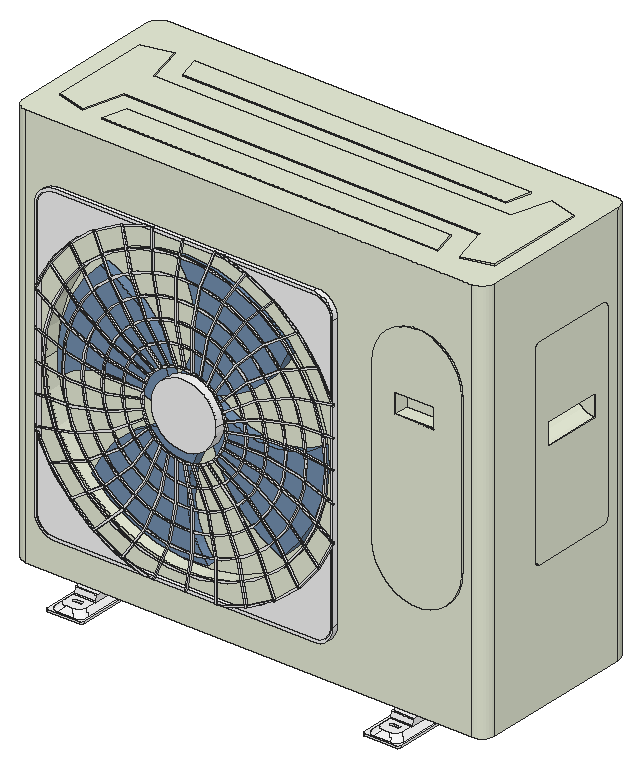
Revit family "MDV-V100W$DHN1(C)", category Mechanical Equipment, Revit 2013
Parameters (values of type "MDV-V100W/DHN1(C)")
  clearance access right = 600.000 mm
  clearance access left = 300.000 mm
  clearance access front = 2000.000 mm
  clearance access behind = 300.000 mm
  clearance [instance] = no
  Width = 950.000 mm
  Series = "VRF"
  Power supply = "220-240V 1Ph~50Hz/60Hz"
  Net Weight = 71.50 kg
  Model = "MDV-V100W/DHN1(C)"
  Minimum Circuit Amps = 28.75 A
  Min cable selection (power wiring) = "3×4 mm2"
  Maximum Fuse Amps = 32 A
  Manufacturer = "Midea"
  Liquid pipe Radius = 0.5 * Liquid pipe  # 4.765 mm
  Liquid pipe = 9.530 mm
  Installation = "Outdoor installation"
  Height = 840.000 mm
  Heating Power Input = 2.87 kW
  Heating Capacity = 12.00 kW
  Gas pipe Radius = 0.5 * Gas pipe  # 7.950 mm
  Gas pipe = 15.900 mm
  Gas = "R410A"
  Description = "High efficiency air cooled"
  Depth = 360.000 mm
  Cooling Power Input = 2.55 kW
  Cooling Capacity = 10.00 kW
  Condensation = "Air"
  Compressor = "1"
  Casing color = "SB2098"
  Air Flow = 5200.00 m³/h
Reference planes
  plane 1 "Center (Front/Back)": y = 0
  plane 2: z = 0
  plane 3 "Center (Left/Right)": x = 0
  plane 4: y = 221
  plane 5: y = -139
  plane 6: x = -473
  plane 7: x = 473
  plane 8: z = 406.5
  plane 9: z = 300.608
  plane 10: z = 840
  plane 11: x = 557
Forms (mm)
  Extrusion 1, solid, material "Galvanized Steel", detail levels medium+fine
    sketch origin (-463, 0, 789) x (1, 0, 0) y (0, 1, 0)
      loop
        line (911, 221) -> (15, 221)
        arc (15, 221) -> (-2.678, 213.678) -> (-10, 196) r 25
        line (-10, 196) -> (-10, -114)
        arc (-10, -114) -> (-2.678, -131.678) -> (15, -139) r 25
        line (15, -139) -> (911, -139)
        arc (911, -139) -> (928.678, -131.678) -> (936, -114) r 25
        line (936, -114) -> (936, 196)
        arc (936, 196) -> (928.678, 213.678) -> (911, 221) r 25
    from -765 to 49
  Extrusion 2, void
    sketch origin (0, 0, 0) x (1, 0, 0) y (0, 0, 1)
      loop
        circle (-122.999, 406.499) r 286
    from 110.334 to 159
  Extrusion 3, solid, material "Galvanized Steel", detail levels fine
    sketch origin (0, 20, 0) x (1, 0, 0) y (0, 1, 0)
      loop
        line (-436.632, 111.286) -> (-436.632, -88.714) -> (-378.677, -104.243) -> (-357.971, -26.969) -> (0, -26.969) -> (357.971, -26.969) -> (378.677, -104.243) -> (436.632, -88.714) -> (436.632, 111.286) -> (378.677, 126.816) -> (357.971, 49.542) -> (0, 49.542) -> (-357.971, 49.542) -> (-378.677, 126.816) -> (-436.632, 111.286)
      loop
        line (-337.266, 126.816) -> (-324.511, 79.213) -> (0, 79.213) -> (324.511, 79.213) -> (337.266, 126.816) -> (0, 126.816) -> (-337.266, 126.816)
      loop
        line (-337.266, -106.816) -> (0, -106.816) -> (337.266, -106.816) -> (324.511, -59.213) -> (0, -59.213) -> (-324.511, -59.213) -> (-337.266, -106.816)
    from 838 to 840
  Extrusion 4, solid, material "Galvanized Steel", detail levels fine
    sketch origin (0, 5, 0) x (0, 1, 0) y (0, 0, 1)
      loop
        arc (-8.433, 685.069) -> (-15.504, 682.14) -> (-18.433, 675.069) r 10
        line (-18.433, 675.069) -> (-18.433, 295.069)
        arc (-18.433, 295.069) -> (-15.504, 287.998) -> (-8.433, 285.069) r 10
        line (-8.433, 285.069) -> (151.567, 285.069)
        arc (151.567, 285.069) -> (158.638, 287.998) -> (161.567, 295.069) r 10
        line (161.567, 295.069) -> (161.567, 675.069)
        arc (161.567, 675.069) -> (158.638, 682.14) -> (151.567, 685.069) r 10
        line (151.567, 685.069) -> (-8.433, 685.069)
    from 473 to 475
  Extrusion 5, solid, material "Galvanized Steel", detail levels fine
    sketch origin (-473, 221, 810) x (1, 0, 0) y (0, 0, -1)
      loop
        line (721.211, 499.033) -> (721.211, 179.033)
        arc (721.211, 179.033) -> (811.211, 89.033) -> (901.211, 179.033) r 90
        line (901.211, 179.033) -> (901.211, 499.033)
        arc (901.211, 499.033) -> (811.211, 589.033) -> (721.211, 499.033) r 90
    from -362 to -360
  Extrusion 6, void
    sketch origin (-438, -141, 810) x (1, 0, 0) y (0, 0, -1)
      loop
        line (731.52, 217.5) -> (811.52, 217.5) -> (811.52, 257.5) -> (731.52, 257.5) -> (731.52, 217.5)
    from 0 to 30.666
  Extrusion 7, void
    sketch origin (2, 0, 0) x (1, 0, 0) y (0, 0, 1)
      loop
        line (446.25, 532.035) -> (428.211, 532.035)
        arc (428.211, 532.035) -> (441.329, 500.364) -> (473, 487.246) r 44.789
        line (473, 487.246) -> (473, 532.035) -> (446.25, 532.035)
    from -137.024 to -16.461
  Extrusion 8, solid, material "Galvanized Steel"
    sketch origin (458, -139, 799) x (-1, 0, 0) y (0, 0, -1)
      loop
        circle (30.982, 736.541) r 4.765
    from -381 to -333.512
  Extrusion 9, solid, material "Galvanized Steel"
    sketch origin (458, -139, 829) x (-1, 0, 0) y (0, 0, -1)
      loop
        circle (30.982, 736.541) r 7.95
    from -381 to -333.512
Cuts and joins
  Extrusion 2, Extrusion 6, Extrusion 7 cuts Extrusion 1
  Extrusion 6 cuts Extrusion 5
  Extrusion 7 cuts Extrusion 4
Lines and regions (mm)
  model lines
    curve 1: line (-473, 221, 24) -> (-473, -139, 24)
    curve 2: line (473, 221, 24) -> (-473, 221, 24)
    curve 3: line (473, -139, 24) -> (473, 221, 24)
    curve 4: line (-473, -139, 24) -> (473, -139, 24)
    curve 5: line (473, 221, 838) -> (473, 221, 24)
    curve 6: line (-473, 221, 24) -> (-473, 221, 838)
    curve 7: line (473, -139, 838) -> (473, -139, 24)
    curve 8: line (-473, -139, 24) -> (-473, -139, 838)
    curve 9: line (473, -139, 838) -> (473, 221, 838)
    curve 10: line (473, 221, 838) -> (-473, 221, 838)
    curve 11: line (-473, 221, 838) -> (-473, -139, 838)
    curve 12: line (-473, -139, 838) -> (473, -139, 838)
Dimensions and locks
  aligned and locked: level to plane 2
Nested families
  nested 1: "xiaodijia2" at (318, 20, 0), type "xiaodijia2", detail levels medium+fine
  nested 2: "xiaodijia2" at (-318, 20, 0), type "xiaodijia2", detail levels medium+fine
  nested 3: "fengkou300（fangxing2）" at (-123, -149, 406.5) x (1, 0, 0) z (0, 1, 0), type "fengkou300（fangxing2）", detail levels medium+fine
  nested 4: "fengshan270" at (-122.996, -100, 406.5) x (0, 0, 1) z (0, -1, 0), type "fengshan270", detail levels fine
  nested 5: "service space" at (473, -139, 0), Height <- "Height", visible <- "clearance", type "Midea Service  Space"
    with Width 600.000 mm, Height 840.000 mm, Depth 360.000 mm
  nested 6: "service space" at (-773, -139, 0), Height <- "Height", visible <- "clearance", type "Midea Service  Space"
    with Width 300.000 mm, Height 840.000 mm, Depth 360.000 mm
  nested 7: "service space" at (-473, 221, 0), Height <- "Height", visible <- "clearance", type "Midea Service  Space"
    with Width 946.000 mm, Height 840.000 mm, Depth 300.000 mm
  nested 8: "service space" at (-473, -2139, 0), Height <- "Height", visible <- "clearance", type "Midea Service  Space"
    with Width 946.000 mm, Height 840.000 mm, Depth 2000.000 mm
Connectors
  electrical at (333.52, -141, 572.5)
    settings: on cut or joined group of Extrusion 5, Extrusion 6, index 1, voltage 220 V, apparent load 0 VA, apparent load phase1 0 VA, apparent load phase2 0 VA, apparent load phase3 0 VA, power factor 1, load classification "HVAC", number of poles 1, system type 30, power factor state 1, is connector primary yes, connector utility no, sub classification motor no, connector description ""
  piping at (427.018, 242, 62.459), driven by "Liquid pipe Radius"
    settings: on Extrusion 8, index 2, connector radius 0.1876", flow factor 0, pipe flow 0 GPM, pressure drop 0.00 psi, fitting loss kfactor 0, connector angle 0.00°, fixture units 0, engagement length 0.000 mm, flow configuration 0, flow direction 0, fitting loss method 0, system type 7, joint type 0, gender type 0, connector reference index -1, connector utility 0, adjustable connector no, is connector primary yes, fitting loss table "", connector description ""
  piping at (427.018, 242, 92.459), driven by "Gas pipe Radius"
    settings: on Extrusion 9, index 3, connector radius 0.31299", flow factor 0, pipe flow 0 GPM, pressure drop 0.00 psi, fitting loss kfactor 0, connector angle 0.00°, fixture units 0, engagement length 0.000 mm, flow configuration 0, flow direction 0, fitting loss method 0, system type 8, joint type 0, gender type 0, connector reference index -1, connector utility 0, adjustable connector no, is connector primary no, fitting loss table "", connector description ""
Definition of nested family "xiaodijia2"
  Reference planes
    plane 1 "Center (Front/Back)": y = 0
    plane 2: z = 0
    plane 3 "Center (Left/Right)": x = 0
    plane 4: y = 227
    plane 5: x = -36.5
    plane 6: x = 36.5
    plane 7: z = 12
    plane 8: z = 3
    plane 9: z = 24
    plane 10: y = -20
    plane 11: y = 20
    plane 12: x = 21.5
    plane 13: x = -21.5
    plane 14: y = 190
    plane 15: y = -190
    plane 16: x = -6
    plane 17: x = 6
    plane 18: y = -186
    plane 19: y = -194
  Forms (mm)
    Blend 1, solid, material "HXL White"
      base sketch origin (0, 0, 0) x (1, 0, 0) y (0, 1, 0)
        loop
          line (6.5, 212) -> (-6.5, 212)
          arc (-6.5, 212) -> (-17.107, 207.607) -> (-21.5, 197) r 15
          line (-21.5, 197) -> (-21.5, -197)
          arc (-21.5, -197) -> (-17.107, -207.607) -> (-6.5, -212) r 15
          line (-6.5, -212) -> (6.5, -212)
          arc (6.5, -212) -> (17.107, -207.607) -> (21.5, -197) r 15
          line (21.5, -197) -> (21.5, 197)
          arc (21.5, 197) -> (17.107, 207.607) -> (6.5, 212) r 15
      top sketch origin (0, 0, 0) x (1, 0, 0) y (0, 1, 0)
        loop
          line (26.5, 222) -> (-26.5, 222)
          arc (-26.5, 222) -> (-30.036, 220.536) -> (-31.5, 217) r 5
          line (-31.5, 217) -> (-31.5, -207)
          arc (-31.5, -207) -> (-27.107, -217.607) -> (-16.5, -222) r 15
          line (-16.5, -222) -> (16.5, -222)
          arc (16.5, -222) -> (27.107, -217.607) -> (31.5, -207) r 15
          line (31.5, -207) -> (31.5, 217)
          arc (31.5, 217) -> (30.036, 220.536) -> (26.5, 222) r 5
      from 12 to 3
    Blend 2, void
      base sketch origin (0, 0, 0) x (1, 0, 0) y (0, 1, 0)
        loop
          line (6.5, 202) -> (-6.5, 202)
          arc (-6.5, 202) -> (-10.036, 200.536) -> (-11.5, 197) r 5
          line (-11.5, 197) -> (-11.5, -197)
          arc (-11.5, -197) -> (-10.036, -200.536) -> (-6.5, -202) r 5
          line (-6.5, -202) -> (6.5, -202)
          arc (6.5, -202) -> (10.036, -200.536) -> (11.5, -197) r 5
          line (11.5, -197) -> (11.5, 197)
          arc (11.5, 197) -> (10.036, 200.536) -> (6.5, 202) r 5
      top sketch origin (0, 0, 0) x (1, 0, 0) y (0, 1, 0)
        loop
          line (31.5, -207) -> (31.5, 217)
          arc (31.5, 217) -> (30.036, 220.536) -> (26.5, 222) r 5
          line (26.5, 222) -> (-26.5, 222)
          arc (-26.5, 222) -> (-30.036, 220.536) -> (-31.5, 217) r 5
          line (-31.5, 217) -> (-31.5, -207)
          arc (-31.5, -207) -> (-27.107, -217.607) -> (-16.5, -222) r 15
          line (-16.5, -222) -> (16.5, -222)
          arc (16.5, -222) -> (27.107, -217.607) -> (31.5, -207) r 15
      from 8.355 to 3
    Extrusion 3, solid, material "HXL White"
      sketch origin (0, 0, 0) x (1, 0, 0) y (0, 1, 0)
        loop
          arc (-31.5, 227) -> (-35.036, 225.536) -> (-36.5, 222) r 5
          line (-36.5, 222) -> (-36.5, -222)
          arc (-36.5, -222) -> (-35.036, -225.536) -> (-31.5, -227) r 5
          line (-31.5, -227) -> (31.5, -227)
          arc (31.5, -227) -> (35.036, -225.536) -> (36.5, -222) r 5
          line (36.5, -222) -> (36.5, 222)
          arc (36.5, 222) -> (35.036, 225.536) -> (31.5, 227) r 5
          line (31.5, 227) -> (-31.5, 227)
        loop
          arc (-26.5, 222) -> (-30.036, 220.536) -> (-31.5, 217) r 5
          line (-31.5, 217) -> (-31.5, -207)
          arc (-31.5, -207) -> (-27.107, -217.607) -> (-16.5, -222) r 15
          line (-16.5, -222) -> (16.5, -222)
          arc (16.5, -222) -> (27.107, -217.607) -> (31.5, -207) r 15
          line (31.5, -207) -> (31.5, 217)
          arc (31.5, 217) -> (30.036, 220.536) -> (26.5, 222) r 5
          line (26.5, 222) -> (-26.5, 222)
      from 0 to 3
    Extrusion 4, solid, material "HXL White"
      sketch origin (0, 0, 0) x (0, 1, 0) y (0, 0, 1)
        loop
          arc (-19.275, 24) -> (-19.902, 23.667) -> (-20.264, 23.056) r 1.312
          line (-20.264, 23.056) -> (-22.833, 13.434)
          arc (-22.833, 13.434) -> (-23.437, 12.605) -> (-24.266, 12) r 3.318
          line (-24.266, 12) -> (24.266, 12)
          arc (24.266, 12) -> (23.437, 12.605) -> (22.833, 13.434) r 3.318
          line (22.833, 13.434) -> (20.264, 23.056)
          arc (20.264, 23.056) -> (19.902, 23.667) -> (19.275, 24) r 1.312
          line (19.275, 24) -> (-19.275, 24)
      from -21.5 to 21.5
    Extrusion 5, solid, material "HXL White"
      sketch origin (0, 150, 0) x (0, 1, 0) y (0, 0, 1)
        loop
          arc (-19.275, 24) -> (-19.902, 23.667) -> (-20.264, 23.056) r 1.312
          line (-20.264, 23.056) -> (-22.833, 13.434)
          arc (-22.833, 13.434) -> (-23.437, 12.605) -> (-24.266, 12) r 3.318
          line (-24.266, 12) -> (24.266, 12)
          arc (24.266, 12) -> (23.437, 12.605) -> (22.833, 13.434) r 3.318
          line (22.833, 13.434) -> (20.264, 23.056)
          arc (20.264, 23.056) -> (19.902, 23.667) -> (19.275, 24) r 1.312
          line (19.275, 24) -> (-19.275, 24)
      from -21.5 to 21.5
    Extrusion 6, solid, material "HXL White"
      sketch origin (0, -150, 0) x (0, 1, 0) y (0, 0, 1)
        loop
          arc (-19.275, 24) -> (-19.902, 23.667) -> (-20.264, 23.056) r 1.312
          line (-20.264, 23.056) -> (-22.833, 13.434)
          arc (-22.833, 13.434) -> (-23.437, 12.605) -> (-24.266, 12) r 3.318
          line (-24.266, 12) -> (24.266, 12)
          arc (24.266, 12) -> (23.437, 12.605) -> (22.833, 13.434) r 3.318
          line (22.833, 13.434) -> (20.264, 23.056)
          arc (20.264, 23.056) -> (19.902, 23.667) -> (19.275, 24) r 1.312
          line (19.275, 24) -> (-19.275, 24)
      from -21.5 to 21.5
    Extrusion 7, void
      sketch origin (0, 0, 0) x (1, 0, 0) y (0, 1, 0)
        loop
          arc (-6, -186) -> (-10, -190) -> (-6, -194) r 4
          line (-6, -194) -> (6, -194)
          arc (6, -194) -> (10, -190) -> (6, -186) r 4
          line (6, -186) -> (-6, -186)
        loop
          line (-6, 186) -> (6, 186)
          arc (6, 186) -> (10, 190) -> (6, 194) r 4
          line (6, 194) -> (-6, 194)
          arc (-6, 194) -> (-10, 190) -> (-6, 186) r 4
      from 0 to 20
  Cuts and joins
    Blend 2, Extrusion 7 cuts Blend 1
  Dimensions and locks
    aligned and locked: level to plane 2
Definition of nested family "fengkou300（fangxing2）"
  Parameters (values of type "fengkou300（fangxing2）")
    Series = ""
    Machine material = Midea White
    Installation = ""
    Gas = ""
    Condensation = ""
  Reference planes
    plane 1 "Center (Front/Back)": y = 0
    plane 2: z = 0
    plane 3 "Center (Left/Right)": x = 0
    plane 4: y = 316
    plane 5: y = -316
    plane 6: x = -300
    plane 7: x = 300
    plane 8: through (306.104, -306.102, 1219.2) normal (-0.7071, -0.7071, 0)
    plane 9: through (-306.478, -306.479, 1219.2) normal (0.7071, -0.7071, 0)
  Forms (mm)
    Extrusion 1, solid, material "Midea White" <- "Machine material"
      sketch origin (0, 0, 0) x (1, 0, 0) y (0, 1, 0)
        loop
          arc (-260, 316) -> (-288.284, 304.284) -> (-300, 276) r 40
          line (-300, 276) -> (-300, -276)
          arc (-300, -276) -> (-288.284, -304.284) -> (-260, -316) r 40
          line (-260, -316) -> (260, -316)
          arc (260, -316) -> (288.284, -304.284) -> (300, -276) r 40
          line (300, -276) -> (300, 276)
          arc (300, 276) -> (288.284, 304.284) -> (260, 316) r 40
          line (260, 316) -> (-260, 316)
        loop
          line (260, 311) -> (-260, 311)
          arc (-260, 311) -> (-284.749, 300.749) -> (-295, 276) r 35
          line (-295, 276) -> (-295, -276)
          arc (-295, -276) -> (-284.749, -300.749) -> (-260, -311) r 35
          line (-260, -311) -> (260, -311)
          arc (260, -311) -> (284.749, -300.749) -> (295, -276) r 35
          line (295, -276) -> (295, 276)
          arc (295, 276) -> (284.749, 300.749) -> (260, 311) r 35
      from 0 to 10
    Extrusion 2, solid, material "Midea White" <- "Machine material"
      sketch origin (-1059.446, 0, 0) x (1, 0, 0) y (0, 1, 0)
        loop
          arc (1057.944, 325.999) -> (1075.678, 204.494) -> (1057.944, 82.989) r 425.111
          line (1057.944, 82.989) -> (1060.944, 82.989)
          arc (1060.944, 82.989) -> (1079.329, 204.494) -> (1060.944, 325.999) r 410.684
          line (1060.944, 325.999) -> (1057.944, 325.999)
        loop
          arc (1060.948, -325.999) -> (1043.214, -204.494) -> (1060.948, -82.989) r 425.111
          line (1060.948, -82.989) -> (1057.948, -82.989)
          arc (1057.948, -82.989) -> (1039.562, -204.494) -> (1057.948, -325.999) r 410.684
          line (1057.948, -325.999) -> (1060.948, -325.999)
        loop
          arc (1385.445, 1.502) -> (1263.939, -16.232) -> (1142.434, 1.502) r 425.111
          line (1142.434, 1.502) -> (1142.434, -1.498)
          arc (1142.434, -1.498) -> (1263.939, -19.884) -> (1385.445, -1.498) r 410.684
          line (1385.445, -1.498) -> (1385.445, 1.502)
        loop
          arc (733.447, -1.502) -> (854.952, 16.232) -> (976.457, -1.502) r 425.111
          line (976.457, -1.502) -> (976.457, 1.498)
          arc (976.457, 1.498) -> (854.952, 19.884) -> (733.447, 1.498) r 410.684
          line (733.447, 1.498) -> (733.447, -1.502)
        loop
          arc (1288.9, 231.578) -> (1215.522, 133.121) -> (1117.065, 59.744) r 425.111
          line (1117.065, 59.744) -> (1119.187, 57.623)
          arc (1119.187, 57.623) -> (1218.105, 130.539) -> (1291.021, 229.457) r 410.684
          line (1291.021, 229.457) -> (1288.9, 231.578)
        loop
          arc (829.992, -231.578) -> (903.369, -133.121) -> (1001.826, -59.744) r 425.111
          line (1001.826, -59.744) -> (999.705, -57.623)
          arc (999.705, -57.623) -> (900.787, -130.539) -> (827.871, -229.457) r 410.684
          line (827.871, -229.457) -> (829.992, -231.578)
        loop
          arc (1291.024, -229.454) -> (1192.567, -156.077) -> (1119.19, -57.62) r 425.111
          line (1119.19, -57.62) -> (1117.068, -59.741)
          arc (1117.068, -59.741) -> (1189.985, -158.659) -> (1288.903, -231.575) r 410.684
          line (1288.903, -231.575) -> (1291.024, -229.454)
        loop
          arc (827.868, 229.454) -> (926.325, 156.077) -> (999.702, 57.62) r 425.111
          line (999.702, 57.62) -> (1001.823, 59.741)
          arc (1001.823, 59.741) -> (928.907, 158.659) -> (829.989, 231.575) r 410.684
          line (829.989, 231.575) -> (827.868, 229.454)
        loop
          arc (1182.812, 301.758) -> (1152.699, 182.716) -> (1089.816, 77.246) r 425.111
          line (1089.816, 77.246) -> (1092.588, 76.098)
          arc (1092.588, 76.098) -> (1156.072, 181.318) -> (1185.584, 300.61) r 410.684
          line (1185.584, 300.61) -> (1182.812, 301.758)
        loop
          arc (936.079, -301.758) -> (966.193, -182.716) -> (1029.075, -77.246) r 425.111
          line (1029.075, -77.246) -> (1026.304, -76.098)
          arc (1026.304, -76.098) -> (962.819, -181.318) -> (933.308, -300.61) r 410.684
          line (933.308, -300.61) -> (936.079, -301.758)
        loop
          arc (1361.204, -123.366) -> (1242.162, -93.253) -> (1136.692, -30.371) r 425.111
          line (1136.692, -30.371) -> (1135.544, -33.142)
          arc (1135.544, -33.142) -> (1240.764, -96.626) -> (1360.056, -126.138) r 410.684
          line (1360.056, -126.138) -> (1361.204, -123.366)
        loop
          arc (757.687, 123.366) -> (876.73, 93.253) -> (982.199, 30.371) r 425.111
          line (982.199, 30.371) -> (983.347, 33.142)
          arc (983.347, 33.142) -> (878.127, 96.626) -> (758.835, 126.138) r 410.684
          line (758.835, 126.138) -> (757.687, 123.366)
        loop
          arc (1360.054, 126.142) -> (1254.585, 63.26) -> (1135.542, 33.146) r 425.111
          line (1135.542, 33.146) -> (1136.69, 30.375)
          arc (1136.69, 30.375) -> (1255.982, 59.886) -> (1361.203, 123.37) r 410.684
          line (1361.203, 123.37) -> (1360.054, 126.142)
        loop
          arc (758.837, -126.142) -> (864.307, -63.26) -> (983.349, -33.146) r 425.111
          line (983.349, -33.146) -> (982.201, -30.375)
          arc (982.201, -30.375) -> (862.909, -59.886) -> (757.689, -123.37) r 410.684
          line (757.689, -123.37) -> (758.837, -126.142)
        loop
          arc (1185.588, -300.609) -> (1122.706, -195.139) -> (1092.592, -76.097) r 425.111
          line (1092.592, -76.097) -> (1089.82, -77.245)
          arc (1089.82, -77.245) -> (1119.332, -196.537) -> (1182.816, -301.757) r 410.684
          line (1182.816, -301.757) -> (1185.588, -300.609)
        loop
          arc (933.304, 300.609) -> (996.186, 195.139) -> (1026.3, 76.097) r 425.111
          line (1026.3, 76.097) -> (1029.071, 77.245)
          arc (1029.071, 77.245) -> (999.56, 196.537) -> (936.075, 301.757) r 410.684
          line (936.075, 301.757) -> (933.304, 300.609)
        loop
          arc (1121.572, 320.028) -> (1115.261, 197.398) -> (1074.163, 81.687) r 425.111
          line (1074.163, 81.687) -> (1077.105, 81.102)
          arc (1077.105, 81.102) -> (1118.842, 196.685) -> (1124.514, 319.443) r 410.684
          line (1124.514, 319.443) -> (1121.572, 320.028)
        loop
          arc (997.32, -320.028) -> (1003.631, -197.398) -> (1044.729, -81.687) r 425.111
          line (1044.729, -81.687) -> (1041.786, -81.102)
          arc (1041.786, -81.102) -> (1000.049, -196.685) -> (994.378, -319.443) r 410.684
          line (994.378, -319.443) -> (997.32, -320.028)
        loop
          arc (1379.474, -62.126) -> (1256.843, -55.815) -> (1141.133, -14.717) r 425.111
          line (1141.133, -14.717) -> (1140.548, -17.659)
          arc (1140.548, -17.659) -> (1256.131, -59.396) -> (1378.888, -65.068) r 410.684
          line (1378.888, -65.068) -> (1379.474, -62.126)
        loop
          arc (739.418, 62.126) -> (862.048, 55.815) -> (977.759, 14.717) r 425.111
          line (977.759, 14.717) -> (978.344, 17.659)
          arc (978.344, 17.659) -> (862.761, 59.396) -> (740.003, 65.068) r 410.684
          line (740.003, 65.068) -> (739.418, 62.126)
        loop
          arc (1329.669, 182.364) -> (1238.494, 100.114) -> (1127.614, 47.355) r 425.111
          line (1127.614, 47.355) -> (1129.28, 44.861)
          arc (1129.28, 44.861) -> (1240.523, 97.078) -> (1331.336, 179.87) r 410.684
          line (1331.336, 179.87) -> (1329.669, 182.364)
        loop
          arc (789.222, -182.364) -> (880.397, -100.114) -> (991.278, -47.355) r 425.111
          line (991.278, -47.355) -> (989.611, -44.861)
          arc (989.611, -44.861) -> (878.369, -97.078) -> (787.556, -179.87) r 410.684
          line (787.556, -179.87) -> (789.222, -182.364)
        loop
          arc (1241.81, -270.223) -> (1159.56, -179.048) -> (1106.801, -68.168) r 425.111
          line (1106.801, -68.168) -> (1104.306, -69.835)
          arc (1104.306, -69.835) -> (1156.524, -181.077) -> (1239.316, -271.89) r 410.684
          line (1239.316, -271.89) -> (1241.81, -270.223)
        loop
          arc (877.082, 270.223) -> (959.332, 179.048) -> (1012.091, 68.168) r 425.111
          line (1012.091, 68.168) -> (1014.585, 69.835)
          arc (1014.585, 69.835) -> (962.368, 181.077) -> (879.576, 271.89) r 410.684
          line (879.576, 271.89) -> (877.082, 270.223)
        loop
          arc (1239.312, 271.893) -> (1186.553, 161.012) -> (1104.303, 69.837) r 425.111
          line (1104.303, 69.837) -> (1106.797, 68.17)
          arc (1106.797, 68.17) -> (1189.589, 158.984) -> (1241.806, 270.226) r 410.684
          line (1241.806, 270.226) -> (1239.312, 271.893)
        loop
          arc (879.58, -271.893) -> (932.339, -161.012) -> (1014.589, -69.837) r 425.111
          line (1014.589, -69.837) -> (1012.094, -68.17)
          arc (1012.094, -68.17) -> (929.303, -158.984) -> (877.085, -270.226) r 410.684
          line (877.085, -270.226) -> (879.58, -271.893)
        loop
          arc (1331.338, -179.866) -> (1220.458, -127.107) -> (1129.283, -44.857) r 425.111
          line (1129.283, -44.857) -> (1127.616, -47.351)
          arc (1127.616, -47.351) -> (1218.429, -130.143) -> (1329.672, -182.361) r 410.684
          line (1329.672, -182.361) -> (1331.338, -179.866)
        loop
          arc (787.553, 179.866) -> (898.434, 127.107) -> (989.609, 44.857) r 425.111
          line (989.609, 44.857) -> (991.275, 47.351)
          arc (991.275, 47.351) -> (900.462, 130.143) -> (789.22, 182.361) r 410.684
          line (789.22, 182.361) -> (787.553, 179.866)
        loop
          arc (1378.887, 65.072) -> (1263.177, 23.975) -> (1140.547, 17.664) r 425.111
          line (1140.547, 17.664) -> (1141.132, 14.721)
          arc (1141.132, 14.721) -> (1263.889, 20.393) -> (1379.473, 62.13) r 410.684
          line (1379.473, 62.13) -> (1378.887, 65.072)
        loop
          arc (740.004, -65.072) -> (855.715, -23.975) -> (978.345, -17.664) r 425.111
          line (978.345, -17.664) -> (977.76, -14.721)
          arc (977.76, -14.721) -> (855.002, -20.393) -> (739.419, -62.13) r 410.684
          line (739.419, -62.13) -> (740.004, -65.072)
        loop
          arc (1124.518, -319.442) -> (1083.42, -203.731) -> (1077.109, -81.101) r 425.111
          line (1077.109, -81.101) -> (1074.167, -81.686)
          arc (1074.167, -81.686) -> (1079.839, -204.444) -> (1121.576, -320.027) r 410.684
          line (1121.576, -320.027) -> (1124.518, -319.442)
        loop
          arc (994.373, 319.442) -> (1035.471, 203.731) -> (1041.782, 81.101) r 425.111
          line (1041.782, 81.101) -> (1044.725, 81.686)
          arc (1044.725, 81.686) -> (1039.053, 204.444) -> (997.316, 320.027) r 410.684
          line (997.316, 320.027) -> (994.373, 319.442)
      from 0 to 2
    Extrusion 3, solid, material "Midea White" <- "Machine material"
      sketch origin (-1059.446, 0, 0) x (1, 0, 0) y (0, 1, 0)
        loop
          circle (1059.448, 0) r 65
      from 0 to 20
    Extrusion 4, solid, material "Midea White" <- "Machine material"
      sketch origin (0, 0, 0) x (1, 0, 0) y (0, 1, 0)
        loop
          circle (0, 0.002) r 326
        loop
          circle (0, 0.002) r 323
        loop
          circle (0, 0.002) r 286
        loop
          circle (0, 0.002) r 283
        loop
          circle (0, 0.002) r 246
        loop
          circle (0, 0.002) r 243
        loop
          circle (0, 0.002) r 206
        loop
          circle (0, 0.002) r 203
        loop
          circle (0, 0.002) r 166
        loop
          circle (0, 0.002) r 163
        loop
          circle (0, 0.002) r 126
        loop
          circle (0, 0.002) r 123
        loop
          circle (0, 0.002) r 86
        loop
          circle (0, 0.002) r 83
      from 0 to 2
    Extrusion 5, void
      sketch origin (0, 0, 0) x (1, 0, 0) y (0, 1, 0)
        loop
          line (260, 316) -> (-260, 316)
          arc (-260, 316) -> (-288.284, 304.284) -> (-300, 276) r 40
          line (-300, 276) -> (-300, -276)
          arc (-300, -276) -> (-288.284, -304.284) -> (-260, -316) r 40
          line (-260, -316) -> (260, -316)
          arc (260, -316) -> (288.284, -304.284) -> (300, -276) r 40
          line (300, -276) -> (300, 276)
          arc (300, 276) -> (288.284, 304.284) -> (260, 316) r 40
        loop
          arc (-260, 416) -> (-358.995, 374.995) -> (-400, 276) r 140
          line (-400, 276) -> (-400, -276)
          arc (-400, -276) -> (-358.995, -374.995) -> (-260, -416) r 140
          line (-260, -416) -> (260, -416)
          arc (260, -416) -> (358.995, -374.995) -> (400, -276) r 140
          line (400, -276) -> (400, 276)
          arc (400, 276) -> (358.995, 374.995) -> (260, 416) r 140
          line (260, 416) -> (-260, 416)
      from 0 to 250
    Extrusion 6, solid, material "Midea White" <- "Machine material"
      sketch origin (0, 0, 0) x (1, 0, 0) y (0, 1, 0)
        loop
          line (-97.757, 311) -> (-260, 311)
          arc (-260, 311) -> (-284.749, 300.749) -> (-295, 276) r 35
          line (-295, 276) -> (-295, 138.75)
          arc (-295, 138.75) -> (-214.434, 245.551) -> (-97.757, 311) r 326
        loop
          arc (-295, -276) -> (-284.749, -300.749) -> (-260, -311) r 35
          line (-260, -311) -> (-97.743, -311)
          arc (-97.743, -311) -> (-214.429, -245.551) -> (-295, -138.746) r 326
          line (-295, -138.746) -> (-295, -276)
        loop
          arc (260, -311) -> (284.749, -300.749) -> (295, -276) r 35
          line (295, -276) -> (295, -138.746)
          arc (295, -138.746) -> (214.429, -245.551) -> (97.743, -311) r 326
          line (97.743, -311) -> (260, -311)
        loop
          arc (295, 276) -> (284.749, 300.749) -> (260, 311) r 35
          line (260, 311) -> (97.757, 311)
          arc (97.757, 311) -> (214.434, 245.551) -> (295, 138.75) r 326
          line (295, 138.75) -> (295, 276)
      from 0 to 2
  Cuts and joins
    Extrusion 5 cuts Extrusion 1
    Extrusion 5 cuts Extrusion 2
    Extrusion 5 cuts Extrusion 4
  Dimensions and locks
    aligned and locked: level to plane 2
Definition of nested family "fengshan270"
  Reference planes
    plane 1 "Center (Front/Back)": y = 0
    plane 2: z = 0
    plane 3 "Center (Left/Right)": x = 0
  Forms (mm)
    Extrusion 1, solid, material "Midea Dark Blue"
      sketch origin (0, 0, 0) x (1, 0, 0) y (0, 1, 0)
        loop
          circle (0, 0) r 50
      from 0 to 30
    Extrusion 2, solid, material "Midea Dark Blue"
      sketch origin (-20, 0, 0) x (0, -1, 0) y (1, 0, 0)
        loop
          arc (32.105, 288.084) -> (-94.042, 273.093) -> (-199.371, 202.075) r 270
          arc (-199.371, 202.075) -> (-134.798, 110.882) -> (-35, 60.622) r 231.205
          arc (-35, 60.622) -> (0, 70) -> (35, 60.622) r 70
          arc (35, 60.622) -> (-8.793, 173.814) -> (32.105, 288.084) r 173.918
      from 0 to 30
    Extrusion 3, solid, material "Midea Dark Blue"
      sketch origin (20, 0, 0) x (0, 1, 0) y (-1, 0, 0)
        loop
          arc (32.105, 288.084) -> (-94.042, 273.093) -> (-199.371, 202.075) r 270
          arc (-199.371, 202.075) -> (-134.798, 110.882) -> (-35, 60.622) r 231.205
          arc (-35, 60.622) -> (0, 70) -> (35, 60.622) r 70
          arc (35, 60.622) -> (-8.793, 173.814) -> (32.105, 288.084) r 173.918
      from 0 to 30
    Extrusion 4, solid, material "Midea Dark Blue"
      sketch origin (0, 0, 0) x (1, 0, 0) y (0, 1, 0)
        loop
          arc (32.105, 268.084) -> (-94.042, 253.093) -> (-199.371, 182.075) r 270
          arc (-199.371, 182.075) -> (-134.798, 90.882) -> (-35, 40.622) r 231.205
          arc (-35, 40.622) -> (0, 50) -> (35, 40.622) r 70
          arc (35, 40.622) -> (-8.793, 153.814) -> (32.105, 268.084) r 173.918
        loop
          arc (199.371, -182.075) -> (134.798, -90.882) -> (35, -40.622) r 231.205
          arc (35, -40.622) -> (0, -50) -> (-35, -40.622) r 70
          arc (-35, -40.622) -> (8.793, -153.814) -> (-32.105, -268.084) r 173.918
          arc (-32.105, -268.084) -> (94.042, -253.093) -> (199.371, -182.075) r 270
      from 0 to 30
  Dimensions and locks
    aligned and locked: level to plane 2
Definition of nested family "service space"
  Parameters (values of type "Midea Service  Space")
    Width [instance] = 500.000 mm
    Height [instance] = 500.000 mm
    Depth [instance] = 500.000 mm
  Reference planes
    plane 1 "Center (Front/Back)": y = 0
    plane 2: z = 0
    plane 3 "Center (Left/Right)": x = 0
    plane 4: z = 500
    plane 5: y = 500
    plane 6: x = 500
  Forms (mm)
    Extrusion 1, solid, material "Midea Service Space-HDY"
      sketch origin (0, 0, 0) x (1, 0, 0) y (0, 1, 0)
        loop
          line (0, 500) -> (0, 0) -> (500, 0) -> (500, 500) -> (0, 500)
      from 0 to 500
  Dimensions and locks
    "Width": plane 3 "Center (Left/Right)" to plane 6
    "Depth": plane 5 to plane 1 "Center (Front/Back)"
    "Height": level to plane 4
    aligned and locked: level to plane 2
    aligned and locked: plane 5 to Extrusion 1
    aligned and locked: Extrusion 1 to plane 6
    aligned and locked: Extrusion 1 to plane 3 "Center (Left/Right)"
    aligned and locked: plane 1 "Center (Front/Back)" to Extrusion 1
    aligned and locked: Extrusion 1 to plane 4
  Automatic sketch dimensions
    Extrusion 1 sketch curve to plane 3 "Center (Left/Right)" = 0.000 mm
    plane 1 "Center (Front/Back)" to Extrusion 1 sketch curve = 0.000 mm
    Extrusion 1 sketch curve to plane 6 = 0.000 mm
    Extrusion 1 sketch curve to plane 5 = 0.000 mm
